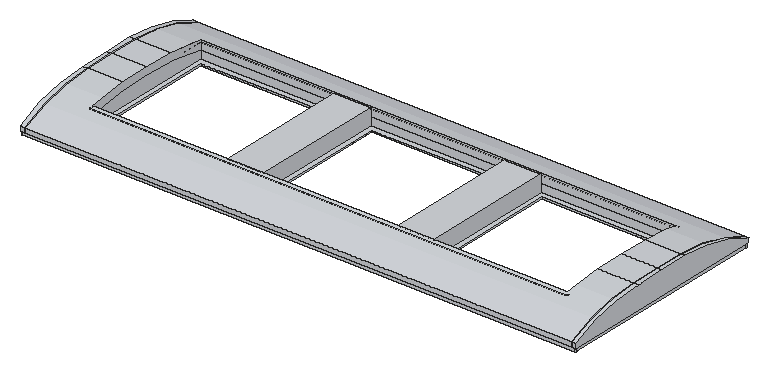
Revit family "Gira_0213761", category Electrical Fixtures, host Face, Revit 2017
Family settings
  Host = Face
  Maintain Annotation Orientation = No
  Round Connector Dimension = Use Diameter
  Part Type = Normal
  Cut with Voids When Loaded = No
  Shared = No
  Room Calculation Point = No
Parameters (values of type "Cov.fr. 3-g interm.fr. CW Gira Event Clear brown")
  With mounting grid = "No"
  With hinged lid = "No"
  URL = "http://katalog.gira.de/en/datenblatt.html?artikelnr=0213761"
  Type of fastening = "Clamp mounting"
  Transparent = "No"
  Surface protection = "Other"
  Surface finishing = "Glossy"
  Suitable for wall duct = "No"
  Suitable for flush-mounted installation = "Yes"
  Suitable for floor box = "No"
  Suitable for built-in installation = "No"
  Number of units vertical = "3"
  Number of units horizontal = "3"
  Number of units = "3"
  Name = "Cov.fr. 3-g interm.fr. CW Gira Event Clear brown"
  Mounting direction = "Horizontal and vertical"
  Material quality = "Thermoplastic"
  Material = "Plastic"
  Manufacturer URL = "https://www.gira.de/"
  Manufacturer = "Gira"
  Label space/information surface = "No"
  Keynote = ""
  HeinzeBIM = "https://bimportal.heinze.de/bim/cov-fr-3-g-interm-fr-cw-gira-event-clear-brown/80cfcf48168a577ffca6ca276aa1c33232bf7488"
  Halogen free = "Yes"
  HAN = "0213761"
  GTIN = "4010337069317"
  Description = "Cov.fr.3g i.fr.CW EvCl BN,Gira Event Clear cover frame,brown with cream white glossy intermediate frame,3-gang,Features:,- Shatter-proof."
  Degree of protection (IP) = "IP20"
  Default Elevation = 1219.2 mm
  Data sheet (1) = "https://katalog.gira.de/en/download.html?artikelnr=0213761"
  Colour = "Brown"
  Category = "Cover frame for domestic switching devices"
  BIM (1) = "https://media.stage.bim.site/public/gira/36a6b08/Event_Rahmen_3fach.rfa"
  Available = "No"
Reference planes
  plane 1 "Center (Front/Back)": y = 0
  plane 2: z = 0
  plane 3 "Center (Left/Right)": x = 0
Forms (mm)
  Extrusion 1, solid, detail levels fine
    sketch origin (0, 0, 0.05) x (0, 1, 0) y (0, 0, 1)
      loop
        arc (12.445, 9.683) -> (6.223, 9.833) -> (0, 9.85) r 291.636
        arc (0, 9.85) -> (-6.223, 9.833) -> (-12.445, 9.683) r 291.636
        arc (-12.445, 9.683) -> (-29.14, 7.482) -> (-45, 1.823) r 79.728
        line (-45, 1.823) -> (-45, -0.05) -> (-42.086, -0.05)
        arc (-42.086, -0.05) -> (-21.385, 5.559) -> (0, 7.206) r 114.424
        arc (0, 7.206) -> (21.385, 5.559) -> (42.086, -0.05) r 114.424
        line (42.086, -0.05) -> (45, -0.05) -> (45, 1.823)
        arc (45, 1.823) -> (29.14, 7.482) -> (12.445, 9.683) r 79.728
    from -114.3 to 114.3
  Extrusion 2, void, detail levels fine
    sketch origin (0, 0, 0) x (1, 0, 0) y (0, 1, 0)
      loop
        line (-99.355, -28.053) -> (99.355, -28.053) -> (99.355, 28.053) -> (-99.355, 28.053) -> (-99.355, -28.053)
    from 0.724 to 11
  Extrusion 3, solid, detail levels coarse
    sketch origin (0, 0, 0) x (1, 0, 0) y (0, 1, 0)
      loop
        line (-116.3, 45) -> (-116.3, -45) -> (116.3, -45) -> (116.3, 45) -> (-116.3, 45)
    from -1.5 to 9.9
  Extrusion 4, solid, detail levels medium
    sketch origin (0, 0, 0.05) x (0, 1, 0) y (0, 0, 1)
      loop
        arc (12.445, 9.683) -> (6.223, 9.833) -> (0, 9.85) r 291.636
        arc (0, 9.85) -> (-6.223, 9.833) -> (-12.445, 9.683) r 291.636
        arc (-12.445, 9.683) -> (-29.14, 7.482) -> (-45, 1.823) r 79.728
        line (-45, 1.823) -> (-45, -0.05) -> (45, -0.05) -> (45, 1.823)
        arc (45, 1.823) -> (29.14, 7.482) -> (12.445, 9.683) r 79.728
    from -116.3 to 116.3
  Extrusion 5, solid, detail levels fine
    sketch origin (-71.3, 0, -1.5) x (0, 1, 0) y (0, 0, -1)
      loop
        line (45, -3.373) -> (45, -1.5) -> (-45, -1.5) -> (-45, -3.373)
        arc (-45, -3.373) -> (-29.14, -9.032) -> (-12.445, -11.233) r 79.728
        arc (-12.445, -11.233) -> (-6.223, -11.383) -> (0, -11.4) r 291.636
        arc (0, -11.4) -> (6.223, -11.383) -> (12.445, -11.233) r 291.636
        arc (12.445, -11.233) -> (29.14, -9.032) -> (45, -3.373) r 79.728
    from 43 to 45
  Extrusion 6, solid, detail levels fine
    sketch origin (0, 0, 0) x (1, 0, 0) y (0, 1, 0)
      loop
        line (-97.195, 25.7) -> (-97.195, -25.7) -> (-45.395, -25.7) -> (-45.395, 25.7) -> (-97.195, 25.7)
      loop
        line (25.9, -25.7) -> (25.9, 25.7) -> (-25.9, 25.7) -> (-25.9, -25.7) -> (25.9, -25.7)
      loop
        line (-100.19, 28.49) -> (-100.19, -28.495)
        spline (-100.19, -28.495) -> (-100.181, -28.625) -> (-100.156, -28.754) -> (-100.113, -28.878) -> (-100.056, -28.995) -> (-99.983, -29.104) -> (-99.897, -29.202) -> (-99.798, -29.288) -> (-99.69, -29.361) -> (-99.572, -29.419) -> (-99.448, -29.461) -> (-99.32, -29.486) -> (-99.19, -29.495)
        line (-99.19, -29.495) -> (99.195, -29.495)
        spline (99.195, -29.495) -> (99.325, -29.486) -> (99.454, -29.461) -> (99.578, -29.419) -> (99.695, -29.361) -> (99.804, -29.288) -> (99.902, -29.202) -> (99.988, -29.104) -> (100.061, -28.995) -> (100.119, -28.878) -> (100.161, -28.754) -> (100.186, -28.625) -> (100.195, -28.495)
        line (100.195, -28.495) -> (100.195, 28.49)
        spline (100.195, 28.49) -> (100.186, 28.62) -> (100.161, 28.748) -> (100.119, 28.872) -> (100.061, 28.99) -> (99.988, 29.098) -> (99.902, 29.197) -> (99.804, 29.283) -> (99.695, 29.356) -> (99.578, 29.413) -> (99.454, 29.456) -> (99.325, 29.481) -> (99.195, 29.49)
        line (99.195, 29.49) -> (-99.19, 29.49)
        spline (-99.19, 29.49) -> (-99.32, 29.481) -> (-99.448, 29.456) -> (-99.572, 29.413) -> (-99.69, 29.356) -> (-99.798, 29.283) -> (-99.897, 29.197) -> (-99.983, 29.098) -> (-100.056, 28.99) -> (-100.113, 28.872) -> (-100.156, 28.748) -> (-100.181, 28.62) -> (-100.19, 28.49)
      loop
        line (97.2, -25.7) -> (97.2, 25.7) -> (45.4, 25.7) -> (45.4, -25.7) -> (97.2, -25.7)
    from 0.1 to 7.3
  Extrusion 7, solid
    sketch origin (0, 0, 0) x (1, 0, 0) y (0, 1, 0)
      loop
        arc (-116, -44.2) -> (-115.854, -44.554) -> (-115.5, -44.7) r 0.5
        line (-115.5, -44.7) -> (115.5, -44.7)
        arc (115.5, -44.7) -> (115.854, -44.554) -> (116, -44.2) r 0.5
        line (116, -44.2) -> (116, 44.2)
        arc (116, 44.2) -> (115.854, 44.554) -> (115.5, 44.7) r 0.5
        line (115.5, 44.7) -> (-115.5, 44.7)
        arc (-115.5, 44.7) -> (-115.854, 44.554) -> (-116, 44.2) r 0.5
        line (-116, 44.2) -> (-116, -44.2)
      loop
        line (-114.3, 43) -> (-114.3, -43) -> (114.3, -43) -> (114.3, 43) -> (-114.3, 43)
    from -1.5 to 0.5
  Extrusion 8, solid, detail levels fine
    sketch origin (71.3, 0, -1.5) x (0, 1, 0) y (0, 0, 1)
      loop
        arc (45, 3.373) -> (29.14, 9.032) -> (12.445, 11.233) r 79.728
        arc (12.445, 11.233) -> (6.223, 11.383) -> (0, 11.4) r 291.636
        arc (0, 11.4) -> (-6.223, 11.383) -> (-12.445, 11.233) r 291.636
        arc (-12.445, 11.233) -> (-29.14, 9.032) -> (-45, 3.373) r 79.728
        line (-45, 3.373) -> (-45, 1.5) -> (45, 1.5) -> (45, 3.373)
    from 43 to 45
  Extrusion 9, solid, detail levels medium
    sketch origin (0, 0, 0) x (1, 0, 0) y (0, 1, 0)
      loop
        line (-116, -44.7) -> (116, -44.7) -> (116, 44.7) -> (-116, 44.7) -> (-116, -44.7)
    from -1.5 to 0.5
  Extrusion 10, solid, detail levels fine
    sketch origin (-34.207, 0, 0) x (1, 0, 0) y (0, 1, 0)
      loop
        line (-8.943, 28.063) -> (-8.943, -27.937) -> (6.057, -27.937) -> (6.057, 28.063) -> (-8.943, 28.063)
    from 0.724 to 7.566
  Extrusion 11, solid, detail levels fine
    sketch origin (34.207, 0, 0) x (-1, 0, 0) y (0, -1, 0)
      loop
        line (-8.943, -28.063) -> (6.057, -28.063) -> (6.057, 27.937) -> (-8.943, 27.937) -> (-8.943, -28.063)
    from 0.724 to 7.566
Cuts and joins
  Extrusion 2 cuts Extrusion 1
  Extrusion 2 cuts Extrusion 6
Dimensions and locks
  aligned and locked: plane 2 to host face
  aligned and locked: level to host face
